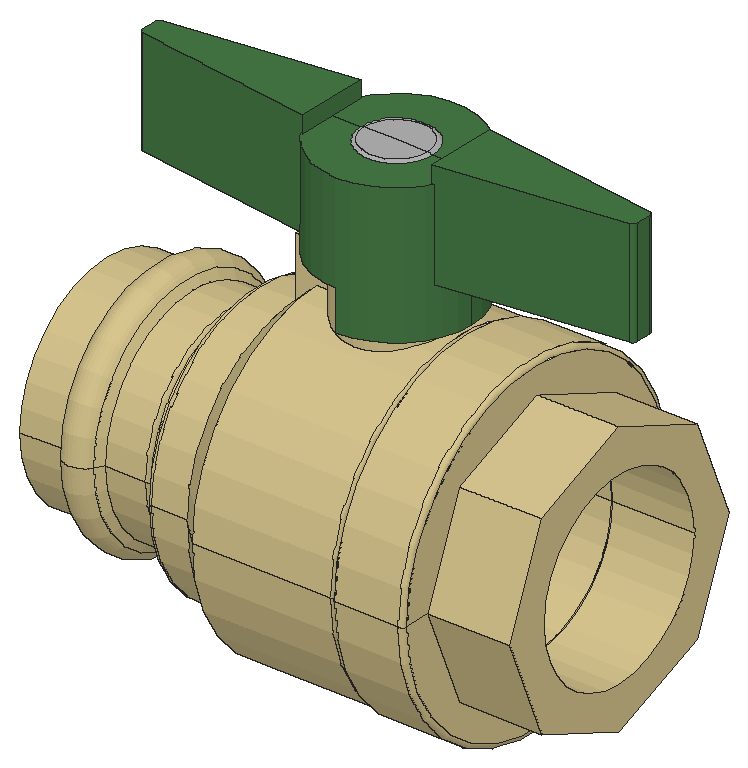
Revit family "QA12200000", category Apparecchi idraulici, Revit 2016
Family settings
  Tipo di parte = Normale
  Quota connettore circolare = Usa diametro
  Numero OmniClass = 23.45.00.00
  Titolo OmniClass = Sanitary, Laundry, and Cleaning Equipment
  Basato su piano di lavoro = No
  Sempre verticale = Sì
  Taglio con vuoti quando caricato = No
  Condiviso = No
  Punto di calcolo locali = No
Parameters
  URL = "https://web.cimberio.it/index.php/figura/1657?subcategoria_id=102"
  Produttore = "CIMBERIO SPA"
  Modello = "Cim 1222CRNLFE"
  DN Model [instance] = QA12205106 : QA12205106
  DN [instance] = 40 mm
Reference planes
  plane 1 "Centro (Fronte/Retro)": y = 0
  plane 2: z = 0
  plane 3 "Centro (Sinistra/Destra)": x = 0
Dimensions and locks
  aligned and locked: level to plane 2
Nested families
  nested 1: "QA12205106" at (0, 0, 0), type <- "DN Model", type "QA12205106"
    with DN 10 mm
  nested 2: "QA12205106" at (0, 0, 0), type <- "DN Model", type "QA12205106"
    with DN 10 mm
  nested 3: "QA12205106" at (0, 0, 0), type <- "DN Model", type "QA12205106"
    with DN 10 mm
  nested 4: "QA12205106" at (0, 0, 0), type <- "DN Model", type "QA12205106"
    with DN 10 mm
  nested 5: "QA12205106" at (0, 0, 0), type <- "DN Model", type "QA12205106"
    with DN 10 mm
  nested 6: "QA12205106" at (0, 0, 0), type <- "DN Model", type "QA12205106"
    with DN 10 mm
  nested 7: "QA12205106" at (0, 0, 0), type <- "DN Model", type "QA12205106"
    with DN 10 mm
  nested 8: "QA12205106" at (0, 0, 0), type <- "DN Model", type "QA12205106"
    with DN 10 mm
  nested 9: "QA12205106" at (0, 0, 0), type <- "DN Model", type "QA12205106"
    with DN 10 mm
Connectors
  piping at (47.25, 0, 0), diameter 40, driven by "DN"
    settings: on nested 1, index 1, connector inside diameter 609.6 mm, connector length 0 mm, flow factor 0, pipe flow 0.0 L/s, pressure drop 0.0 Pa, fitting loss kfactor 0, connector angle 0.00°, fixture units 0, engagement length 0 mm, angle of deflection 0.00°, flow configuration 0, flow direction 0, fitting loss method 0, system type 7, joint type 0, gender type 0, connector reference index -1, connector utility 0, adjustable connector no, is connector primary yes, connector description ""
  piping at (-61.251, 0, 0), diameter 40, driven by "DN"
    settings: on nested 1, index 2, connector inside diameter 609.6 mm, connector length 0 mm, flow factor 0, pipe flow 0.0 L/s, pressure drop 0.0 Pa, fitting loss kfactor 0, connector angle 0.00°, fixture units 0, engagement length 0 mm, angle of deflection 0.00°, flow configuration 0, flow direction 0, fitting loss method 0, system type 7, joint type 0, gender type 0, connector reference index -1, connector utility 0, adjustable connector no, is connector primary no, connector description ""
Definition of nested family "QA12205106"
  Parameters (values of type "QA12205106")
    DN [instance] = 10 mm  # constant formula
  Reference planes
    plane 1 "Centro (Fronte/Retro)": y = 0
    plane 2: z = 0
    plane 3 "Centro (Sinistra/Destra)": x = 0
  Forms (mm)
    Revolve 1, solid
      sketch origin (0, 0, 0) x (1, 0, 0) y (0, 1, 0)
        loop
          line (-61.244, 20) -> (29.75, 20) -> (29.75, 34.499)
          arc (29.75, 34.499) -> (29.457, 35.207) -> (28.749, 35.5) r 1.001
          line (28.749, 35.5) -> (15.25, 35.5)
          arc (15.25, 35.5) -> (14.562, 34.983) -> (13.722, 34.8) r 2.019
          line (13.722, 34.8) -> (-15.45, 34.8) -> (-21.25, 29) -> (-28.75, 29)
          arc (-28.75, 29) -> (-29.457, 28.707) -> (-29.75, 28) r 1
          line (-29.75, 28) -> (-29.75, 25.6)
          arc (-29.75, 25.6) -> (-30.336, 24.186) -> (-31.75, 23.6) r 2
          line (-31.75, 23.6) -> (-33.25, 23.6)
          arc (-33.25, 23.6) -> (-33.972, 23.302) -> (-34.747, 23.2) r 3
          line (-34.747, 23.2) -> (-43.247, 23.2) -> (-44.286, 25)
          arc (-44.286, 25) -> (-47.75, 27) -> (-51.214, 25) r 4
          line (-51.214, 25) -> (-52.253, 23.2) -> (-61.251, 23.2) -> (-61.244, 20)
        axis (-61.251, 0) -> (29.75, 0)
      angle from 0 to 360
    Revolve 2, solid
      sketch origin (0, 0, 0) x (1, 0, 0) y (0, 0, 1)
        loop
          line (0.056, 47.8) -> (-10, 47.8) -> (-10, 43) -> (-11.388, 43) -> (-11.388, 31.761) -> (0.056, 31.761) -> (0.056, 47.8)
        axis (0.056, 31.761) -> (0.056, 47.8)
      angle from 0 to 360
    Extrusion 3, solid
      sketch origin (0, 0, 0) x (1, 0, 0) y (0, 0, 1)
        loop
          line (-11.388, 43) -> (-20, 43) -> (-20, 28.911) -> (-11.388, 28.911) -> (-11.388, 43)
      from -1.6 to 1.7
    Revolve 4, solid
      sketch origin (0, 0, 0) x (1, 0, 0) y (0, 0, 1)
        loop
          line (0, 54.3) -> (-9.25, 54.3) -> (-9.25, 51.8) -> (0, 51.8) -> (0, 54.3)
        axis (0, 54.3) -> (0, 51.8)
      angle from 0 to 360
    Revolve 5, solid
      sketch origin (0, 0, 2.759) x (1, 0, 0) y (0, 0, 1)
        loop
          line (0, 64.3) -> (0, 62) -> (8.25, 62) -> (8.25, 62.8)
          arc (8.25, 62.8) -> (7.811, 63.861) -> (6.75, 64.3) r 1.5
          line (6.75, 64.3) -> (0, 64.3)
        axis (0, 64.3) -> (0, 62)
      angle from 0 to 360
    Revolve 6, solid
      sketch origin (0, 0, 0) x (1, 0, 0) y (0, 0, 1)
        loop
          line (-16, 66.805) -> (-16, 37.309) -> (0, 37.309) -> (0, 66.805) -> (-16, 66.805)
        axis (0, 66.805) -> (0, 37.309)
      angle from 0 to 360
    Extrusion 7, void
      sketch origin (0, 0, 28.55) x (1, 0, 0) y (0, 1, 0)
        loop
          line (-10.868, -1.7) -> (-16.923, -1.7)
          arc (-16.923, -1.7) -> (-11.41, -12.613) -> (0, -17.008) r 17.008
          line (0, -17.008) -> (0, -11)
          arc (0, -11) -> (-7.152, -8.358) -> (-10.868, -1.7) r 11
      from 7.714 to 17.259
    Extrusion 8, solid
      sketch origin (0, 0, 0) x (0, 1, 0) y (0, 0, 1)
        loop
          circle (0, 0) r 20
        loop
          line (0, 29) -> (-20.506, 20.506) -> (-29, 0) -> (-20.506, -20.506) -> (0, -29) -> (20.506, -20.506) -> (29, 0) -> (20.506, 20.506) -> (0, 29)
      from 29.75 to 47.25
    Extrusion 9, solid
      sketch origin (0, 0, 28.55) x (1, 0, 0) y (0, 1, 0)
        loop
          arc (-51.63, 2.62) -> (-52.252, 2.287) -> (-52.5, 1.627) r 1
          line (-52.5, 1.627) -> (-52.5, -1.62)
          arc (-52.5, -1.62) -> (-52.251, -2.278) -> (-51.63, -2.609) r 1
          line (-51.63, -2.609) -> (-13.671, -7.607) -> (-13.671, 7.617) -> (-51.63, 2.62)
        loop
          line (51.63, 2.62) -> (13.671, 7.617) -> (13.671, -7.607) -> (51.63, -2.609)
          arc (51.63, -2.609) -> (52.251, -2.278) -> (52.5, -1.62) r 1
          line (52.5, -1.62) -> (52.5, 1.627)
          arc (52.5, 1.627) -> (52.252, 2.287) -> (51.63, 2.62) r 1
      from 19.25 to 41.755
  Cuts and joins
    Extrusion 7 cuts Revolve 1
    Extrusion 7 cuts Extrusion 3
    Extrusion 7 cuts Revolve 6
  Dimensions and locks
    aligned and locked: level to plane 2
